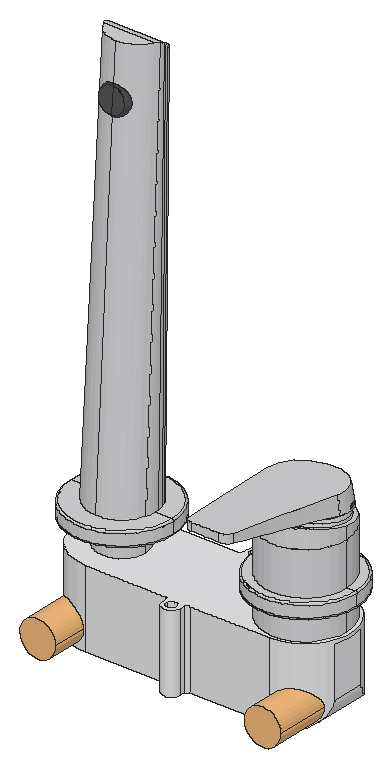
Revit family "Faucet-Wall_Mount-Lavatory-KOHLER-Avid-K-97358IN", category Plumbing Fixtures, host Face, Revit 2017
Family settings
  Host = Face
  Round Connector Dimension = Use Diameter
  Part Type = Normal
  OmniClass Number = 23.31.11.00
  OmniClass Title = Faucets
  Cut with Voids When Loaded = No
  Shared = No
  Room Calculation Point = No
Parameters (values of type "CP-Polished Chrome")
  Width = 6 1/4"  # constant formula
  WaterSense Certified = 1 = 0  # no
  Waste Water Outlet = "Waste Water Outlet"  # constant formula
  Waste Connection = 1 = 0  # no
  Vent Connection = 1 = 0  # no
  URL = "https://www.kohler.co.in/"
  Type = 1
  Spout Reach = 8 1/4"  # constant formula
  Product Page URL = "https://www.kohler.co.in/product-detail/97358in-4nd?skuid=K-97358IN-4ND-CP"
  Product Name = "Avid"  # constant formula
  Product Documentation Link = "http://resources.kohler.com/plumbing/kohlerindia/pdf/97358.pdf"
  Pressure = 45.00 psi  # constant formula
  Model = "K-97358IN-4ND-CP"  # constant formula
  Material = "Premium Metal Construction"  # constant formula
  Master Format 2014 Name = "Residential Faucets, Supplies, and Trim"  # constant formula
  Master Format 2014 = "22 41 39"  # constant formula
  Manufacturer Address = "Ambience Office Tower NH-8 Gurgaon / Gurugram Haryana , 122001\r\n"  # constant formula
  Manufacturer = "KOHLER Co."  # constant formula
  Length = Spout Reach  # 8 1/4"
  Hot Water Inlet = "Hot Water Inlet"  # constant formula
  Height = 2 5/16"  # constant formula
  Handle Clearance = 2 3/4"  # constant formula
  HW Connection = 1 = 1  # yes
  Flow Rate = 2.2 GPM  # constant formula
  Finish = Kohler-Metal-CP-Polished_Chrome
  Environmental Product Declaration = ""
  Drain Included = 1 = 0  # no
  Description = "Single Control Wall mount Lavatory Faucet without Drain"  # constant formula
  Default Elevation = 36"
  Declare Label = ""
  Date Modified = "06/29/2020"  # constant formula
  Date Created = "06/29/2020"  # constant formula
  Copyright = "Copyright KOHLER Co."  # constant formula
  Contact Us = "https://www.kohler.co.in/contact-us"
  Cold Water Inlet = "Cold Water Inlet"  # constant formula
  CW Connection = 1 = 1  # yes
  Assembly Code = "D2010"
  ADA Compliant = 1 = 0  # no
Reference planes (in)
  plane 1 "Center (Front/Back)": y = 0
  plane 2: z = 0
  plane 3 "Center (Left/Right)": x = 0
  plane 4: z = 8.25
  plane 5: x = -2
  plane 6: x = 2
  plane 7: y = 1.14173
  plane 8: y = -1.17077
  plane 9: x = -3.125
  plane 10: x = -0.875
  plane 11: x = 0.875
  plane 12: x = 3.125
  plane 13: y = -2.75
  plane 14: z = 9.31922
  plane 15: z = 0.31496
  plane 16: z = 2.3585
  plane 17: z = -0.53937
  plane 18: z = -2.22303
  plane 19: x = 2.43501
  plane 20: z = -1.81102
  plane 21: x = -2.45276
  plane 22: z = -2.3874
  plane 23: y = -1.7063
Forms (in)
  Extrusion 1, void
    sketch origin (0, 0, 0) x (1, 0, 0) y (0, 1, 0)
      loop
        circle (2, 0) r 1
      loop
        circle (-2, 0) r 1
    from -0.53937 to 0
  Extrusion 2, void
    sketch origin (0, 0, 0) x (1, 0, 0) y (0, 0, 1)
      loop
        line (-2.98497, -0.53937) -> (-2.98497, -2.42693) -> (3.01503, -2.42693) -> (3.01503, -0.53937) -> (-2.98497, -0.53937)
    from -1.3475 to 1.36945
  Extrusion 3, void
    sketch origin (0, 0, 0) x (1, 0, 0) y (0, 0, 1)
      loop
        circle (-2.45276, -1.81102) r 0.3937
      loop
        circle (2.44731, -1.81102) r 0.3937
    from 1.17907 to 1.7063
Dimensions and locks (in)
  "Spout Reach": level to plane 4
  "Handle Clearance": plane 13 to plane 1 "Center (Front/Back)"
  "Height": plane 7 to plane 8
  "Width": plane 9 to plane 12
  plane 3 "Center (Left/Right)" to plane 19 = 2.43501"
  plane 21 to plane 3 "Center (Left/Right)" = 2.45276"
  aligned and locked: plane 2 to host face
  aligned and locked: level to host face
Automatic sketch dimensions
  host sketch curve to host sketch curve = 96"  (x2)
  plane 1 "Center (Front/Back)" to Extrusion 1 sketch curve = 0"  (x2)
  Extrusion 1 sketch curve to plane 5 = 0"
  Extrusion 1 sketch curve to plane 6 = 0"
  plane 5 to Extrusion 2 sketch curve = 0.98497"
  Extrusion 2 sketch curve to plane 6 = 1.01503"
  Extrusion 2 sketch curve to level = 2.42693"
  Extrusion 2 sketch curve to level = 0.53937"
  plane 5 to Extrusion 3 sketch curve = 0.45276"
  Extrusion 3 sketch curve to plane 6 = 0.44731"
  Extrusion 3 sketch curve to level = 1.81102"  (x2)
  radius of Extrusion 1 sketch curve = 1"  (x2)
  radius of Extrusion 3 sketch curve = 0.3937"  (x2)
Nested families (in)
  nested 1: "K-97358IN" at (-2, 0, 0), type "K-97358IN"
Connectors (in)
  piping at (-2.45276, -1.7063, -1.81102), diameter 0.5, driven by "HW Connection", driven by "Hot Water Inlet", driven by "Flow Rate", driven by "Pressure"
    settings: on nested 1, index 1, connector inside diameter 24", connector length 0", flow factor 0, pipe flow 2.2 GPM, pressure drop 45.00 psi, fitting loss kfactor 0, connector angle 0.00°, fixture units 0, engagement length 0", angle of deflection 0.00°, flow configuration 1, flow direction 1, fitting loss method 4, system type 19, joint type 0, gender type 0, connector reference index -1, connector utility 1, adjustable connector no, is connector primary yes, connector description "Hot Water Inlet"
  piping at (2.43501, -1.7063, -1.81102), diameter 0.5, driven by "CW Connection", driven by "Cold Water Inlet", driven by "Flow Rate", driven by "Pressure"
    settings: on nested 1, index 2, connector inside diameter 24", connector length 0", flow factor 0, pipe flow 2.2 GPM, pressure drop 45.00 psi, fitting loss kfactor 0, connector angle 0.00°, fixture units 0, engagement length 0", angle of deflection 0.00°, flow configuration 1, flow direction 1, fitting loss method 4, system type 20, joint type 0, gender type 0, connector reference index -1, connector utility 1, adjustable connector no, is connector primary no, connector description "Cold Water Inlet"
Definition of nested family "K-97358IN"
  Parameters (values of type "K-97358IN")
    Valve Material = none
  Reference planes (in)
    plane 1 "Center (Front/Back)": y = 0
    plane 2: z = 0
    plane 3 "Center (Left/Right)": x = 0
    plane 4: x = -1.125
    plane 5: x = 1.125
    plane 6: x = 4
    plane 7: x = 2.875
    plane 8: x = 5.125
    plane 9: z = 8.22835
    plane 10: z = -1.81102
    plane 11: x = -0.45276
    plane 12: x = 4.43501
    plane 13: y = 1.14173
    plane 14: y = -1.14173
    plane 15: y = 1.25984
    plane 16: y = -1.7063
    plane 17: x = 2
    plane 18: y = -2.75
    plane 19: x = -0.97578
  Forms (in)
    SweptBlend 1, solid, material <- "Valve Material", detail levels medium+fine
      path origin (0, 0, -0.09843) x (0, 1, 0) y (0, 0, 1)
        loop
          line (0.39318, 0.31496) -> (0.58456, 10.81322)
      profile origin (0, 0.39318, 0.21654) x (0, -0.999834, 0.018227) y (1, 0, 0)
        loop
          line (0, 0.61393) -> (0, -0.61385)
          arc (0, -0.61385) -> (0.00798, -0.63766) -> (0.02871, -0.65184) r 0.03949
          arc (0.02871, -0.65184) -> (0.06832, -0.66352) -> (0.10768, -0.67602) r 2.01365
          arc (0.10768, -0.67602) -> (0.19207, -0.69707) -> (0.27864, -0.70561) r 0.59539
          arc (0.27864, -0.70561) -> (0.44154, -0.71142) -> (0.60151, -0.68012) r 0.71364
          arc (0.60151, -0.68012) -> (0.96137, -0.42133) -> (1.09903, 0) r 0.71364
          arc (1.09903, 0) -> (0.96137, 0.42133) -> (0.60151, 0.68012) r 0.71364
          arc (0.60151, 0.68012) -> (0.44154, 0.71142) -> (0.27864, 0.70561) r 0.71364
          arc (0.27864, 0.70561) -> (0.19207, 0.69707) -> (0.10768, 0.67602) r 0.59539
          arc (0.10768, 0.67602) -> (0.06828, 0.66351) -> (0.02864, 0.65182) r 2.01365
          arc (0.02864, 0.65182) -> (0.00796, 0.63767) -> (0, 0.61393) r 0.03939
      end profile origin (0, 0.58456, 10.71479) x (0, -0.999834, 0.018227) y (1, 0, 0)
        loop
          arc (0.0682, -0.60617) -> (0.09124, -0.60472) -> (0.11421, -0.6024) r 0.60675
          arc (0.11421, -0.6024) -> (0.1519, -0.59666) -> (0.18915, -0.58856) r 0.60675
          arc (0.18915, -0.58856) -> (0.52006, -0.37329) -> (0.64848, 0) r 0.60675
          arc (0.64848, 0) -> (0.52006, 0.37329) -> (0.18915, 0.58856) r 0.60675
          arc (0.18915, 0.58856) -> (0.17059, 0.59291) -> (0.1519, 0.59666) r 0.60675
          arc (0.1519, 0.59666) -> (0.1331, 0.59983) -> (0.11421, 0.6024) r 0.60675
          arc (0.11421, 0.6024) -> (0.09124, 0.60472) -> (0.0682, 0.60617) r 0.60675
          arc (0.0682, 0.60617) -> (0.04523, 0.59752) -> (0.03559, 0.57495) r 0.03125
          line (0.03559, 0.57495) -> (0.03559, 0) -> (0.03559, -0.57495)
          arc (0.03559, -0.57495) -> (0.04523, -0.59752) -> (0.0682, -0.60617) r 0.03125
    Revolve 2, solid, material <- "Valve Material", detail levels medium+fine
      sketch origin (0, 0, 0) x (1, 0, 0) y (0, 0, 1)
        loop
          line (0, 0.31496) -> (-1.09025, 0.31496)
          arc (-1.09025, 0.31496) -> (-1.11482, 0.30478) -> (-1.125, 0.28021) r 0.03475
          line (-1.125, 0.28021) -> (-1.125, 0.03516)
          arc (-1.125, 0.03516) -> (-1.1147, 0.0103) -> (-1.08984, 0) r 0.03516
          line (-1.08984, 0) -> (-0.94488, 0) -> (-0.94488, -0.03937) -> (-0.31231, -0.03937) -> (-0.31231, -0.19685) -> (-0.49213, -0.19685) -> (-0.51394, -0.21867) -> (-0.51394, -0.25433) -> (-0.48358, -0.27559) -> (-0.52408, -0.27559) -> (-0.52408, -0.53937) -> (0, -0.53937) -> (0, 0.31496)
        axis (0, -0.53937) -> (0, 0.31496)
      angle from 0 to 360
    Revolve 3, solid, material <- "Valve Material", detail levels medium+fine
      sketch origin (0, 0, 0) x (1, 0, 0) y (0, 0, 1)
        loop
          arc (4, 1.85893) -> (3.78638, 1.85354) -> (3.57331, 1.83726) r 4.18399
          arc (3.57331, 1.83726) -> (3.39839, 1.81096) -> (3.22674, 1.76823) r 1.86659
          arc (3.22674, 1.76823) -> (3.19289, 1.75404) -> (3.16276, 1.73308) r 0.17427
          arc (3.16276, 1.73308) -> (3.13089, 1.69288) -> (3.11592, 1.64381) r 0.13794
          arc (3.11592, 1.64381) -> (3.09988, 1.44843) -> (3.09452, 1.25246) r 3.5902
          line (3.09452, 1.25246) -> (3.09452, 0.31496) -> (2.90633, 0.31496)
          arc (2.90633, 0.31496) -> (2.88418, 0.30578) -> (2.875, 0.28363) r 0.03133
          line (2.875, 0.28363) -> (2.875, 0.03381)
          arc (2.875, 0.03381) -> (2.8849, 0.0099) -> (2.90881, 0) r 0.03381
          line (2.90881, 0) -> (3.09464, 0) -> (3.09464, -0.53937) -> (4, -0.53937) -> (4, 1.85893)
        axis (4, -0.53937) -> (4, 1.85893)
      angle from 0 to 360
    Extrusion 4, void
      sketch origin (0, 0, 0) x (0, 1, 0) y (0, 0, 1)
        loop
          line (1.21089, 1.31126) -> (1.28243, 1.71699) -> (-0.84864, 2.09275) -> (-0.92018, 1.68703) -> (1.21089, 1.31126)
      from 0 to 12
    Blend 5, solid, material <- "Valve Material", detail levels medium+fine
      base sketch origin (0, 0, 0) x (1, 0, 0) y (0, 1, 0)
        loop
          arc (4.30364, -2.75379) -> (4.43502, -2.70439) -> (4.50131, -2.58067) r 0.19944
          line (4.50131, -2.58067) -> (4.83397, -0.08241)
          arc (4.83397, -0.08241) -> (4, 0.86997) -> (3.16603, -0.08241) r 0.84133
          line (3.16603, -0.08241) -> (3.49902, -2.5832)
          arc (3.49902, -2.5832) -> (3.56439, -2.70516) -> (3.69391, -2.75385) r 0.19659
          line (3.69391, -2.75385) -> (4.30364, -2.75379)
      top sketch origin (0, 0, 0) x (1, 0, 0) y (0, 1, 0)
        loop
          line (3.70457, -2.70033) -> (4.29092, -2.70033)
          arc (4.29092, -2.70033) -> (4.40646, -2.6555) -> (4.46153, -2.54447) r 0.17131
          line (4.46153, -2.54447) -> (4.68298, -0.09856)
          arc (4.68298, -0.09856) -> (4, 0.64905) -> (3.31702, -0.09856) r 0.68577
          line (3.31702, -0.09856) -> (3.53888, -2.54896)
          arc (3.53888, -2.54896) -> (3.59236, -2.65679) -> (3.70457, -2.70033) r 0.16637
      from 1.53543 to 2.78937
    Extrusion 6, void
      sketch origin (0, 0, 0) x (0, 1, 0) y (0, 0, 1)
        loop
          arc (0.81908, 2.03021) -> (0.95281, 1.81903) -> (1.02699, 1.58033) r 0.95238
          line (1.02699, 1.58033) -> (2.23255, 1.58033) -> (2.23255, 2.97712) -> (-2.82995, 2.97712) -> (-2.82995, 2.30805)
          arc (-2.82995, 2.30805) -> (-2.80796, 2.34972) -> (-2.76295, 2.36364) r 0.06155
          line (-2.76295, 2.36364) -> (0.81908, 2.03021)
      from 0 to 12
    Extrusion 7, void
      sketch origin (0, 0, 0) x (0, 1, 0) y (0, 0, 1)
        loop
          line (-2.93599, 2.23374) -> (-2.93599, 1.46391) -> (1.06401, 1.46391) -> (1.06401, 1.52844) -> (-2.93599, 2.23374)
      from 0 to 12
    Revolve 8, solid, material <- "Valve Material", detail levels medium+fine
      sketch origin (4, 0, 0) x (0, 1, 0) y (0, 0, 1)
        loop
          line (0.03271, 1.71028) -> (0, 1.52478) -> (0.79088, 1.38532) -> (0.79088, 1.44328)
          arc (0.79088, 1.44328) -> (0.78889, 1.48298) -> (0.78292, 1.52228) r 0.39569
          arc (0.78292, 1.52228) -> (0.77567, 1.55194) -> (0.76616, 1.58096) r 0.39569
          line (0.76616, 1.58096) -> (0.03271, 1.71028)
        axis (0.03271, 1.71028) -> (0, 1.52478)
      angle from 0 to 360
    Extrusion 9, void
      sketch origin (0, 0, 0) x (0, 1, 0) y (0, 0, 1)
        loop
          arc (0.20274, 9.31287) -> (0.49131, 9.1872) -> (0.6065, 8.89429) r 0.41123
          line (0.6065, 8.89429) -> (0.6065, 11.14429) -> (-0.8935, 11.14429) -> (-0.8935, 9.33261) -> (0.20274, 9.31287)
      from -2.06618 to 12
    Extrusion 10, solid, detail levels medium+fine
      sketch origin (0, 0, 0) x (1, 0, 0) y (0, 1, 0)
        loop
          line (1.72613, 0.98425) -> (-0.00072, 0.98425)
          arc (-0.00072, 0.98425) -> (-0.98497, 0) -> (-0.00072, -0.98425) r 0.98425
          line (-0.00072, -0.98425) -> (1.72613, -0.98425)
          arc (1.72613, -0.98425) -> (1.78158, -1.00722) -> (1.80455, -1.06267) r 0.07841
          line (1.80455, -1.06267) -> (1.80455, -1.14195)
          arc (1.80455, -1.14195) -> (2, -1.3374) -> (2.19546, -1.14195) r 0.19545
          line (2.19546, -1.14195) -> (2.19546, -1.06267)
          arc (2.19546, -1.06267) -> (2.21842, -1.00722) -> (2.27387, -0.98425) r 0.07841
          line (2.27387, -0.98425) -> (4.00072, -0.98425)
          arc (4.00072, -0.98425) -> (4.98497, 0) -> (4.00072, 0.98425) r 0.98425
          line (4.00072, 0.98425) -> (2.27387, 0.98425)
          arc (2.27387, 0.98425) -> (2.21842, 1.00722) -> (2.19546, 1.06267) r 0.07841
          line (2.19546, 1.06267) -> (2.19546, 1.14045)
          arc (2.19546, 1.14045) -> (2, 1.33591) -> (1.80455, 1.14045) r 0.19545
          line (1.80455, 1.14045) -> (1.80455, 1.06267)
          arc (1.80455, 1.06267) -> (1.78158, 1.00722) -> (1.72613, 0.98425) r 0.07841
        loop
          circle (2, -1.14195) r 0.11215
        loop
          circle (2, 1.14045) r 0.11873
      from -2.84874 to -0.53937
    Extrusion 11, void
      sketch origin (0, 0, 0) x (0, 1, 0) y (0, 0, 1)
        loop
          line (-2.26611, -2.31267) -> (-2.24505, -2.91593) -> (1.50724, -2.91593) -> (1.50724, -2.12514) -> (1.00724, -2.12514)
          arc (1.00724, -2.12514) -> (0.7601, -2.3178) -> (0.45324, -2.38125) r 0.68986
          line (0.45324, -2.38125) -> (-2.26611, -2.31267)
      from -1.74273 to 12
    Extrusion 12, void
      sketch origin (0, 0, 0) x (1, 0, 0) y (0, 0, 1)
        loop
          arc (4.92175, -1.72303) -> (4.77531, -2.07658) -> (4.42175, -2.22303) r 0.5
          line (4.42175, -2.22303) -> (-0.42175, -2.22303)
          arc (-0.42175, -2.22303) -> (-0.77531, -2.07658) -> (-0.92175, -1.72303) r 0.5
          line (-0.92175, -1.72303) -> (-0.92175, -0.65748) -> (-2.76575, -0.65748) -> (-2.76575, -3.35416) -> (5.73425, -3.35416) -> (5.73425, -0.60416) -> (4.92175, -0.60416) -> (4.92175, -1.72303)
      from -2.81824 to 12
    Extrusion 13, solid
      sketch origin (0, 0, 0) x (1, 0, 0) y (0, 0, 1)
        loop
          circle (-0.45276, -1.81102) r 0.3937
        loop
          circle (4.43501, -1.81102) r 0.3937
      from 0 to 1.7063
    Extrusion 14, solid, detail levels medium+fine
      sketch origin (-4, 0, 0) x (0, 1, 0) y (0, 0, 1)
        loop
          line (1.25984, -2.3874) -> (1.25984, -1.68556)
          arc (1.25984, -1.68556) -> (1.23478, -1.62506) -> (1.17428, -1.6) r 0.08556
          line (1.17428, -1.6) -> (-0.50054, -1.6) -> (-0.50054, -2.3874) -> (1.25984, -2.3874)
      from 3.52756 to 3.92126
    Extrusion 15, solid, detail levels medium+fine
      sketch origin (0, 0, 0) x (0, 1, 0) y (0, 0, 1)
        loop
          line (1.25984, -2.3874) -> (1.25984, -1.68556)
          arc (1.25984, -1.68556) -> (1.23478, -1.62506) -> (1.17428, -1.6) r 0.08556
          line (1.17428, -1.6) -> (-0.50054, -1.6) -> (-0.50054, -2.3874) -> (1.25984, -2.3874)
      from 3.52756 to 3.92126
    Revolve 16, solid, detail levels medium+fine
      sketch origin (0, 0, 0) x (0, 1, 0) y (0, 0, 1)
        loop
          arc (-0.28793, 7.92912) -> (-0.22637, 7.88913) -> (-0.15365, 7.87923) r 0.16787
          line (-0.15365, 7.87923) -> (-0.12997, 8.19859) -> (-0.2672, 8.20876) -> (-0.28793, 7.92912)
        axis (-0.2672, 8.20876) -> (-0.12997, 8.19859)
      angle from 0 to 360
    Extrusion 17, solid, detail levels coarse
      sketch origin (0, 0, 0) x (1, 0, 0) y (0, 1, 0)
        loop
          line (-0.97578, 1.14173) -> (-0.97578, -1.14173) -> (4.97578, -1.14173) -> (4.97578, 1.14173) -> (-0.97578, 1.14173)
      from -2.3874 to -0.53937
    Extrusion 18, solid, material <- "Valve Material", detail levels coarse
      sketch origin (0, 0, 0) x (1, 0, 0) y (0, 1, 0)
        loop
          circle (4, 0) r 1.12543
        loop
          circle (0, 0) r 1.125
      from 0 to 0.31496
    Extrusion 19, solid, material <- "Valve Material", detail levels coarse
      sketch origin (0, 0, 0) x (1, 0, 0) y (0, 0, 1)
        loop
          arc (0.71314, 9.30264) -> (0.00006, 9.31905) -> (-0.71314, 9.30851) r 18.8753
          line (-0.71314, 9.30851) -> (-0.71314, 0.31496) -> (0.71314, 0.31496) -> (0.71314, 9.30264)
      from -0.50311 to 0.67888
    Extrusion 20, solid, material <- "Valve Material", detail levels coarse
      sketch origin (0, 0, 0) x (1, 0, 0) y (0, 1, 0)
        loop
          circle (4, 0) r 0.98425
      from 0.31496 to 1.88841
    Extrusion 21, solid, material <- "Valve Material", detail levels coarse
      sketch origin (0, 0, 0) x (0, 1, 0) y (0, 0, 1)
        loop
          line (-2.71867, 2.35952) -> (-2.71867, 2.19543) -> (0.98425, 1.5425) -> (0.98425, 2.01484) -> (-2.71867, 2.35952)
      from 3.01544 to 4.97578
    Extrusion 22, solid, material <- "Valve Material", detail levels coarse
      sketch origin (0, 0, 0) x (1, 0, 0) y (0, 1, 0)
        loop
          circle (4, 0) r 0.90536
        loop
          circle (0, 0) r 0.52408
      from -0.53937 to 0
    Extrusion 23, solid, detail levels medium+fine
      sketch origin (0.35038, -1.51848, 0.01172) x (-0.325568, 0.945519, 0) y (0, 0, 1)
        loop
          line (0.19179, 1.76677) -> (0.19179, 1.71333) -> (0.39295, 1.71333) -> (0.39295, 1.76677) -> (0.19179, 1.76677)
      from 4.7472 to 4.77467
    Extrusion 24, solid, detail levels medium+fine
      sketch origin (7.64962, -1.51848, 0.01172) x (0.325568, 0.945519, 0) y (0, 0, -1)
        loop
          line (0.19179, -1.76677) -> (0.39295, -1.76677) -> (0.39295, -1.71333) -> (0.19179, -1.71333) -> (0.19179, -1.76677)
      from 4.7472 to 4.77467
  Cuts and joins
    Extrusion 9 cuts SweptBlend 1
    Extrusion 4 cuts Revolve 3
    Extrusion 6, Extrusion 7 cuts Blend 5
    joined: SweptBlend 1, Revolve 2, Revolve 3, Blend 5, Revolve 8
    Extrusion 11, Extrusion 12 cuts Extrusion 10
  Lines and regions (in)
    Masking region 1
      outline origin (0, 0, 0) x (0, 1, 0) y (0, 0, 1)
        loop
          line (0.90241, 0.31496) -> (0.90241, 1.36566) -> (0.78556, 1.38626)
          arc (0.78556, 1.38626) -> (0.78983, 1.485) -> (0.76616, 1.58096) r 0.34786
          line (0.76616, 1.58096) -> (0.86168, 1.56411) -> (0.78739, 2.03316) -> (0.42937, 2.06649) -> (0.52569, 9.1466)
          arc (0.52569, 9.1466) -> (0.38357, 9.26732) -> (0.20274, 9.31287) r 0.41123
          line (0.20274, 9.31287) -> (-0.14993, 9.31922) -> (-0.19923, 8.51351) -> (-0.24647, 8.4884) -> (-0.28793, 7.92912) -> (-0.23716, 7.89357) -> (-0.58178, 2.16061) -> (-2.71867, 2.35952) -> (-2.75673, 2.20214) -> (-0.69952, 1.83939)
          arc (-0.69952, 1.83939) -> (-0.76311, 1.76115) -> (-0.79088, 1.66423) r 0.25162
          line (-0.79088, 1.66423) -> (-0.87539, 1.67913)
          arc (-0.87539, 1.67913) -> (-0.88109, 1.6509) -> (-0.88539, 1.62242) r 0.58365
          arc (-0.88539, 1.62242) -> (-0.90057, 1.46113) -> (-0.90564, 1.29921) r 2.58873
          line (-0.90564, 1.29921) -> (-0.90564, 0.31496) -> (-1.09287, 0.31496)
          arc (-1.09287, 0.31496) -> (-1.11546, 0.3056) -> (-1.12482, 0.28302) r 0.03194
          line (-1.12482, 0.28302) -> (-1.12482, 0.03501)
          arc (-1.12482, 0.03501) -> (-1.11456, 0.01025) -> (-1.08981, 0) r 0.03501
          line (-1.08981, 0) -> (1.08981, 0)
          arc (1.08981, 0) -> (1.11456, 0.01025) -> (1.12482, 0.03501) r 0.03501
          line (1.12482, 0.03501) -> (1.12482, 0.28302)
          arc (1.12482, 0.28302) -> (1.11546, 0.3056) -> (1.09287, 0.31496) r 0.03194
          line (1.09287, 0.31496) -> (0.90241, 0.31496)
    Masking region 2
      outline origin (0, 0, 0) x (0, 1, 0) y (0, 0, 1)
        loop
          line (0.90536, -0.03937) -> (0.94488, -0.03937) -> (0.94488, 0) -> (-0.94488, 0) -> (-0.94488, -0.03937) -> (-0.90536, -0.03937) -> (-0.90536, -0.53937) -> (-1.3374, -0.53937) -> (-1.3374, -1.41732) -> (-1.7063, -1.41732) -> (-1.7063, -2.20472) -> (-1.40572, -2.20472) -> (-1.3374, -2.22303) -> (-0.50054, -2.22303) -> (-0.50054, -2.3874) -> (1.25984, -2.3874) -> (1.25984, -2.12514) -> (1.33591, -2.12514) -> (1.33591, -0.53937) -> (0.90536, -0.53937) -> (0.90536, -0.03937)
    Masking region 3
      outline origin (0, 0, 0) x (1, 0, 0) y (0, 0, 1)
        loop
          line (0.71314, 0.31496) -> (0.6135, 9.24533)
          spline (0.6135, 9.24533) -> (0.61347, 9.24705) -> (0.61342, 9.24876) -> (0.61335, 9.25045) -> (0.61326, 9.25211) -> (0.61314, 9.25375) -> (0.613, 9.25538) -> (0.61285, 9.25698) -> (0.61267, 9.25856) -> (0.61247, 9.26012) -> (0.61225, 9.26165) -> (0.612, 9.26317) -> (0.61174, 9.26466)
          spline (0.61174, 9.26466) -> (0.61173, 9.26782) -> (0.61156, 9.27088) -> (0.61122, 9.27384) -> (0.61073, 9.2767) -> (0.61007, 9.27945) -> (0.60925, 9.28209) -> (0.60827, 9.28462) -> (0.60712, 9.28704) -> (0.60582, 9.28935) -> (0.60437, 9.29154) -> (0.60275, 9.29361) -> (0.60098, 9.29557)
          spline (0.60098, 9.29557) -> (0.59846, 9.29818) -> (0.59578, 9.30058) -> (0.59292, 9.30278) -> (0.5899, 9.30476) -> (0.58671, 9.30653) -> (0.58336, 9.30809) -> (0.57985, 9.30943) -> (0.57618, 9.31055) -> (0.57236, 9.31146) -> (0.56839, 9.31214) -> (0.56426, 9.31261) -> (0.55999, 9.31287)
          spline (0.55999, 9.31287) -> (0.53245, 9.31379) -> (0.50024, 9.31466) -> (0.46364, 9.31547) -> (0.42298, 9.31622) -> (0.37861, 9.3169) -> (0.33091, 9.3175) -> (0.28031, 9.31801) -> (0.22726, 9.31844) -> (0.17221, 9.31878) -> (0.11565, 9.31902) -> (0.05807, 9.31917) -> (0.00001, 9.31922)
          spline (0.00001, 9.31922) -> (-0.05807, 9.31917) -> (-0.11565, 9.31902) -> (-0.17221, 9.31878) -> (-0.22726, 9.31844) -> (-0.28031, 9.31801) -> (-0.33091, 9.3175) -> (-0.37861, 9.3169) -> (-0.42298, 9.31622) -> (-0.46364, 9.31547) -> (-0.50024, 9.31466) -> (-0.53245, 9.31379) -> (-0.55999, 9.31287)
          spline (-0.55999, 9.31287) -> (-0.56426, 9.31261) -> (-0.56839, 9.31214) -> (-0.57236, 9.31146) -> (-0.57618, 9.31055) -> (-0.57985, 9.30943) -> (-0.58336, 9.30809) -> (-0.58671, 9.30653) -> (-0.5899, 9.30476) -> (-0.59292, 9.30278) -> (-0.59578, 9.30058) -> (-0.59846, 9.29818) -> (-0.60098, 9.29557)
          spline (-0.60098, 9.29557) -> (-0.60275, 9.29361) -> (-0.60437, 9.29154) -> (-0.60582, 9.28935) -> (-0.60712, 9.28704) -> (-0.60827, 9.28462) -> (-0.60925, 9.28209) -> (-0.61007, 9.27945) -> (-0.61073, 9.2767) -> (-0.61122, 9.27384) -> (-0.61156, 9.27088) -> (-0.61173, 9.26782) -> (-0.61174, 9.26466)
          spline (-0.61174, 9.26466) -> (-0.612, 9.26317) -> (-0.61225, 9.26165) -> (-0.61247, 9.26012) -> (-0.61267, 9.25856) -> (-0.61285, 9.25698) -> (-0.613, 9.25538) -> (-0.61314, 9.25375) -> (-0.61326, 9.25211) -> (-0.61335, 9.25045) -> (-0.61342, 9.24876) -> (-0.61347, 9.24705) -> (-0.6143, 9.24533)
          line (-0.6143, 9.24533) -> (-0.71314, 0.31496) -> (-1.09224, 0.31496)
          arc (-1.09224, 0.31496) -> (-1.11541, 0.30537) -> (-1.125, 0.2822) r 0.03276
          line (-1.125, 0.2822) -> (-1.125, 0.03704)
          arc (-1.125, 0.03704) -> (-1.11415, 0.01085) -> (-1.08796, 0) r 0.03704
          line (-1.08796, 0) -> (1.08796, 0)
          arc (1.08796, 0) -> (1.11415, 0.01085) -> (1.125, 0.03704) r 0.03704
          line (1.125, 0.03704) -> (1.125, 0.2822)
          arc (1.125, 0.2822) -> (1.11541, 0.30537) -> (1.09224, 0.31496) r 0.03276
          line (1.09224, 0.31496) -> (0.71314, 0.31496)
        loop
          line (4.29765, 2.35951) -> (3.69855, 2.35952)
          spline (3.69855, 2.35952) -> (3.67722, 2.35937) -> (3.65623, 2.35898) -> (3.6359, 2.35836) -> (3.61651, 2.35753) -> (3.59836, 2.35648) -> (3.5817, 2.35523) -> (3.56678, 2.35381) -> (3.55381, 2.35223) -> (3.54298, 2.35052) -> (3.53446, 2.3487) -> (3.52836, 2.3468) -> (3.52477, 2.34485)
          spline (3.52477, 2.34485) -> (3.5021, 2.32564) -> (3.47917, 2.30642) -> (3.45598, 2.28721) -> (3.43252, 2.26799) -> (3.40879, 2.24879) -> (3.3848, 2.22958) -> (3.36054, 2.21038) -> (3.33601, 2.19118) -> (3.31122, 2.17198) -> (3.28616, 2.15278) -> (3.26083, 2.13359) -> (3.23524, 2.1144)
          spline (3.23524, 2.1144) -> (3.23473, 2.11328) -> (3.23394, 2.11262) -> (3.23322, 2.11195) -> (3.23256, 2.11129) -> (3.23198, 2.11062) -> (3.23146, 2.10996) -> (3.23101, 2.10929) -> (3.23062, 2.10862) -> (3.2303, 2.10796) -> (3.23005, 2.10729) -> (3.22987, 2.10662) -> (3.22975, 2.10595)
          line (3.22975, 2.10595) -> (3.18036, 1.70644)
          spline (3.18036, 1.70644) -> (3.18069, 1.70235) -> (3.18171, 1.69826) -> (3.1834, 1.69418) -> (3.18577, 1.69011) -> (3.18881, 1.68605) -> (3.19252, 1.68201) -> (3.1969, 1.67799) -> (3.20195, 1.67399) -> (3.20765, 1.67002) -> (3.21401, 1.66608) -> (3.22102, 1.66217) -> (3.22867, 1.6583)
          arc (3.22867, 1.6583) -> (3.21698, 1.62753) -> (3.20783, 1.59592) r 0.40492
          spline (3.20783, 1.59592) -> (3.19353, 1.59094) -> (3.18024, 1.58588) -> (3.16799, 1.58074) -> (3.15679, 1.57553) -> (3.14666, 1.57025) -> (3.1376, 1.56492) -> (3.12963, 1.55953) -> (3.12275, 1.5541) -> (3.11698, 1.54862) -> (3.11232, 1.54312) -> (3.10879, 1.53759) -> (3.10637, 1.53205)
          arc (3.10637, 1.53205) -> (3.09749, 1.26979) -> (3.09452, 1.0074) r 11.62233
          line (3.09452, 1.0074) -> (3.09452, 0.31496) -> (2.90776, 0.31496)
          arc (2.90776, 0.31496) -> (2.8846, 0.30537) -> (2.875, 0.2822) r 0.03276
          line (2.875, 0.2822) -> (2.875, 0.03704)
          arc (2.875, 0.03704) -> (2.88585, 0.01085) -> (2.91204, 0) r 0.03704
          line (2.91204, 0) -> (5.08796, 0)
          arc (5.08796, 0) -> (5.11415, 0.01085) -> (5.125, 0.03704) r 0.03704
          line (5.125, 0.03704) -> (5.125, 0.2822)
          arc (5.125, 0.2822) -> (5.1154, 0.30537) -> (5.09224, 0.31496) r 0.03276
          line (5.09224, 0.31496) -> (4.90548, 0.31496) -> (4.90548, 1.0074)
          arc (4.90548, 1.0074) -> (4.90251, 1.26979) -> (4.89363, 1.53205) r 11.62233
          spline (4.89363, 1.53205) -> (4.89121, 1.53759) -> (4.88768, 1.54312) -> (4.88302, 1.54862) -> (4.87725, 1.5541) -> (4.87037, 1.55953) -> (4.8624, 1.56492) -> (4.85334, 1.57025) -> (4.84321, 1.57553) -> (4.83201, 1.58074) -> (4.81976, 1.58588) -> (4.80647, 1.59094) -> (4.79217, 1.59592)
          arc (4.79217, 1.59592) -> (4.78302, 1.62753) -> (4.77133, 1.6583) r 0.40492
          spline (4.77133, 1.6583) -> (4.77898, 1.66217) -> (4.78599, 1.66608) -> (4.79235, 1.67002) -> (4.79805, 1.67399) -> (4.8031, 1.67799) -> (4.80748, 1.68201) -> (4.81119, 1.68605) -> (4.81423, 1.69011) -> (4.8166, 1.69418) -> (4.81829, 1.69826) -> (4.81931, 1.70235) -> (4.81964, 1.70644)
          line (4.81964, 1.70644) -> (4.77059, 2.106)
          spline (4.77059, 2.106) -> (4.77013, 2.10662) -> (4.76995, 2.10729) -> (4.7697, 2.10796) -> (4.76938, 2.10862) -> (4.76899, 2.10929) -> (4.76854, 2.10996) -> (4.76802, 2.11062) -> (4.76744, 2.11129) -> (4.76678, 2.11195) -> (4.76606, 2.11262) -> (4.76527, 2.11328) -> (4.76442, 2.11395)
          spline (4.76442, 2.11395) -> (4.7392, 2.13356) -> (4.71391, 2.15273) -> (4.68889, 2.17189) -> (4.66413, 2.19106) -> (4.63964, 2.21023) -> (4.61541, 2.2294) -> (4.59145, 2.24858) -> (4.56776, 2.26776) -> (4.54433, 2.28694) -> (4.52116, 2.30613) -> (4.49826, 2.32532) -> (4.47563, 2.34451)
          spline (4.47563, 2.34451) -> (4.47195, 2.3465) -> (4.4657, 2.34845) -> (4.45697, 2.35031) -> (4.44588, 2.35206) -> (4.4326, 2.35367) -> (4.41732, 2.35513) -> (4.40026, 2.3564) -> (4.38166, 2.35748) -> (4.36181, 2.35834) -> (4.34099, 2.35897) -> (4.3195, 2.35936) -> (4.29765, 2.35951)
    Masking region 4, detail levels medium+fine
      outline origin (0, 0, 0) x (1, 0, 0) y (0, 0, 1)
        loop
          line (4.98497, -0.53937) -> (4.90536, -0.53937) -> (4.90536, 0) -> (3.09464, 0) -> (3.09464, -0.53937) -> (0.52408, -0.53937) -> (0.52408, -0.27559) -> (0.48358, -0.27559) -> (0.51394, -0.25433) -> (0.51394, -0.21867) -> (0.49213, -0.19685) -> (0.31231, -0.19685) -> (0.31231, -0.03937) -> (0.94488, -0.03937) -> (0.94488, 0) -> (-0.94488, 0) -> (-0.94488, -0.03937) -> (-0.31231, -0.03937) -> (-0.31231, -0.19685) -> (-0.49213, -0.19685) -> (-0.51394, -0.21867) -> (-0.51394, -0.25433) -> (-0.48358, -0.27559) -> (-0.52408, -0.27559) -> (-0.52408, -0.53937) -> (-0.98497, -0.53937) -> (-0.98497, -0.65748) -> (-0.92175, -0.65748) -> (-0.92175, -1.72303)
          arc (-0.92175, -1.72303) -> (-0.79279, -2.05818) -> (-0.47244, -2.22046) r 0.5
          line (-0.47244, -2.22046) -> (-0.47244, -2.3874) -> (-0.07874, -2.3874) -> (-0.07874, -2.22303) -> (3.52756, -2.22303) -> (3.52756, -2.3874) -> (3.92126, -2.3874) -> (3.92126, -2.22303) -> (4.42175, -2.22303)
          arc (4.42175, -2.22303) -> (4.77531, -2.07658) -> (4.92175, -1.72303) r 0.5
          line (4.92175, -1.72303) -> (4.92175, -0.60416) -> (4.98497, -0.60416) -> (4.98497, -0.53937)
    Masking region 5
      outline origin (0, 0, 0) x (1, 0, 0) y (0, 1, 0)
        loop
          arc (4.69623, -0.88423) -> (4, 1.12543) -> (3.30377, -0.88423) r 1.12543
          spline (3.30377, -0.88423) -> (3.32334, -1.02682) -> (3.34267, -1.16945) -> (3.36176, -1.3121) -> (3.38062, -1.45479) -> (3.39923, -1.59751) -> (3.41761, -1.74026) -> (3.43574, -1.88304) -> (3.45364, -2.02584) -> (3.4713, -2.16868) -> (3.48872, -2.31154) -> (3.50591, -2.45443) -> (3.52285, -2.59735)
          arc (3.52285, -2.59735) -> (3.58871, -2.70696) -> (3.70913, -2.75) r 0.18999
          line (3.70913, -2.75) -> (4.29087, -2.75)
          arc (4.29087, -2.75) -> (4.41129, -2.70696) -> (4.47715, -2.59735) r 0.18999
          spline (4.47715, -2.59735) -> (4.49409, -2.45443) -> (4.51128, -2.31154) -> (4.5287, -2.16868) -> (4.54636, -2.02584) -> (4.56426, -1.88304) -> (4.58239, -1.74026) -> (4.60077, -1.59751) -> (4.61938, -1.45479) -> (4.63824, -1.3121) -> (4.65733, -1.16945) -> (4.67666, -1.02682) -> (4.69623, -0.88423)
        loop
          circle (0, 0) r 1.125
    symbolic lines, detail levels medium+fine
      curve 1: line (0, 0.90241, 0.31496) -> (0, -0.90564, 0.31496)
      curve 2: line (0, 0.42937, 2.06649) -> (0, 0.39471, 0.31496)
      curve 3: line (0, -0.58178, 2.16061) -> (0, -0.70089, 0.31496)
      curve 4: line (0, -0.70074, 1.83961) -> (0, -0.6036, 1.82248)
      curve 5: line (0, -0.79088, 1.66423) -> (0, -0.6158, 1.63336)
      curve 6: line (0, 0.78556, 1.38626) -> (0, 0.4172, 1.45121)
      curve 7: line (0, 0.76616, 1.58096) -> (0, 0.42097, 1.64182)
      curve 8: line (0, -0.49213, -0.19685) -> (0, 0.49213, -0.19685)
      curve 9: line (0, 0.51394, -0.21867) -> (0, 0.51394, -0.25433)
      curve 10: line (0, 0.51394, -0.25433) -> (0, 0.48358, -0.27559)
      curve 11: line (0, 0.48358, -0.27559) -> (0, 0.52408, -0.27559)
      curve 12: line (0, 0.52408, -0.27559) -> (0, 0.52408, -0.53937)
      curve 13: line (0, 0.31231, -0.03937) -> (0, 0.31231, -0.19685)
      curve 14: line (0, -0.90536, -0.03937) -> (0, 0.90536, -0.03937)
      curve 15: line (0, 0.51394, -0.21867) -> (0, 0.49213, -0.19685)
      curve 16: line (0, -0.51394, -0.21867) -> (0, -0.51394, -0.25433)
      curve 17: line (0, -0.51394, -0.25433) -> (0, -0.48358, -0.27559)
      curve 18: line (0, -0.48358, -0.27559) -> (0, -0.52408, -0.27559)
      curve 19: line (0, -0.52408, -0.27559) -> (0, -0.52408, -0.53937)
      curve 20: line (0, -0.51394, -0.21867) -> (0, -0.49213, -0.19685)
      curve 21: line (0, -0.31231, -0.03937) -> (0, -0.31231, -0.19685)
      curve 22: line (0, 0.90536, -0.53937) -> (0, -0.90564, -0.53937)
      curve 23: line (0, 0.48358, -0.27559) -> (0, -0.48358, -0.27559)
      curve 24: line (0, 0.51394, -0.21867) -> (0, -0.51394, -0.21867)
      curve 25: line (0, 0.51394, -0.25433) -> (0, -0.51394, -0.25433)
      curve 26: line (0, -1.40572, -2.20472) -> (0, 0.48357, -2.20472)
      curve 27: line (0, 1.25984, -1.81102) -> (0, 1.25984, -2.12514)
      curve 28: line (0, 1.25984, -1.81102) -> (0, 1.25984, -0.53937)
      curve 29: line (0, 1.33591, -1.81102) -> (0, 1.12617, -1.81102)
      curve 30: arc (0, 0.48357, -2.20472) -> (0, 0.75754, -2.12747) -> (0, 0.95079, -1.91847) r 0.52442
      curve 31: arc (0, 1.12617, -1.81102) -> (0, 1.02333, -1.84002) -> (0, 0.95079, -1.91847) r 0.19685
      curve 32: line (0, 1.12617, -1.81102) -> (0, 1.12617, -0.53937)
      curve 33: line (0, -1.3374, -1.41732) -> (0, -0.90564, -1.41732)
      curve 34: line (0, -0.90564, -1.41732) -> (0, -0.90564, -0.53937)
      curve 35: line (0, -0.72093, -0.53937) -> (0, -0.72093, -1.12992)
      curve 36: arc (0, -0.72093, -1.12992) -> (0, -0.77109, -1.30074) -> (0, -0.90564, -1.41732) r 0.31595
      curve 37: spline (3.23679, 0, 2.11481) -> (3.2382, 0, 2.09457) -> (3.30082, 0, 2.07518) -> (3.41962, 0, 2.0582) -> (3.58506, 0, 2.04499) -> (3.78385, 0, 2.03662) -> (4, 0, 2.03375) -> (4.21615, 0, 2.03662) -> (4.41494, 0, 2.04499) -> (4.58038, 0, 2.0582) -> (4.69918, 0, 2.07518) -> (4.7618, 0, 2.09457) -> (4.76321, 0, 2.11481)
      curve 38: spline (4.77133, 0, 1.6583) -> (4.69905, 0, 1.63213) -> (4.59769, 0, 1.60905) -> (4.47147, 0, 1.59002) -> (4.32565, 0, 1.57583) -> (4.16628, 0, 1.56707) -> (4, 0, 1.56411) -> (3.83372, 0, 1.56707) -> (3.67435, 0, 1.57583) -> (3.52853, 0, 1.59002) -> (3.40231, 0, 1.60905) -> (3.30095, 0, 1.63213) -> (3.22867, 0, 1.6583)
      curve 39: spline (3.19692, 0, 1.52478) -> (3.22428, 0, 1.48868) -> (3.30451, 0, 1.45505) -> (3.43213, 0, 1.42617) -> (3.59846, 0, 1.40401) -> (3.79215, 0, 1.39008) -> (4, 0, 1.38532) -> (4.20785, 0, 1.39008) -> (4.40154, 0, 1.40401) -> (4.56787, 0, 1.42617) -> (4.69549, 0, 1.45505) -> (4.77572, 0, 1.48868) -> (4.80308, 0, 1.52478)
      curve 40: spline (3.10604, 0, 1.52477) -> (3.13166, 0, 1.48384) -> (3.21832, 0, 1.44552) -> (3.35993, 0, 1.4125) -> (3.54653, 0, 1.38711) -> (3.765, 0, 1.37112) -> (4, 0, 1.36566) -> (4.235, 0, 1.37112) -> (4.45347, 0, 1.38711) -> (4.64007, 0, 1.4125) -> (4.78168, 0, 1.44552) -> (4.86834, 0, 1.48384) -> (4.89396, 0, 1.52477)
      curve 41: arc (4.79217, 0, 1.59592) -> (4.7989, 0, 1.56054) -> (4.80308, 0, 1.52478) r 0.50503
      curve 42: arc (3.20783, 0, 1.59592) -> (3.2011, 0, 1.56054) -> (3.19692, 0, 1.52478) r 0.50503
      curve 43: line (4.90548, 0, 0.31496) -> (3.09452, 0, 0.31496)
      curve 44: line (0.71314, 0, 0.31496) -> (-0.71314, 0, 0.31496)
      curve 45: line (0.51394, 0, -0.21867) -> (-0.51394, 0, -0.21867)
      curve 46: line (0.51394, 0, -0.25433) -> (-0.51394, 0, -0.25433)
      curve 47: line (-0.48358, 0, -0.27559) -> (0.48358, 0, -0.27559)
      curve 48: line (-0.49213, 0, -0.19685) -> (0.49213, 0, -0.19685)
      curve 49: line (-0.31231, 0, -0.03937) -> (0.31231, 0, -0.03937)
      curve 50: line (-0.52408, 0, -0.53937) -> (0.52408, 0, -0.53937)
      curve 51: line (2.19546, 0, -0.53937) -> (2.19546, 0, -2.22303)
      curve 52: line (1.80455, 0, -0.53937) -> (1.80455, 0, -2.22303)
      curve 53: line (3.92126, 0, -1.6) -> (3.52756, 0, -1.6)
      curve 54: line (3.92126, 0, -2.22303) -> (3.92126, 0, -1.6)
      curve 55: line (3.52756, 0, -1.6) -> (3.52756, 0, -2.22303)
      curve 56: line (-0.47244, 0, -1.6) -> (-0.07874, 0, -1.6)
      curve 57: line (-0.47244, 0, -2.22303) -> (-0.47244, 0, -1.6)
      curve 58: line (-0.07874, 0, -1.6) -> (-0.07874, 0, -2.22303)
      curve 59: line (3.09464, 0, -0.53937) -> (4.90536, 0, -0.53937)
      curve 60: arc (0, -0.70089, 0) -> (0.41363, -0.56846, 0) -> (0.67361, -0.22056, 0) r 0.71275
      curve 61: arc (0.67361, -0.22056, 0) -> (0.70181, -0.11182, 0) -> (0.7125, 0, 0) r 0.70981
      curve 62: arc (0.7125, 0, 0) -> (0.71101, 0.05887, 0) -> (0.70464, 0.11741, 0) r 0.70943
      curve 63: arc (0.70464, 0.11741, 0) -> (0.6962, 0.20338, 0) -> (0.67534, 0.28722, 0) r 0.59244
      curve 64: line (0.67534, 0.28722, 0) -> (0.61259, 0.49942, 0)
      curve 65: line (0, 0.52569, 0) -> (0.58378, 0.52569, 0)
      curve 66: spline (0.61259, 0.49942, 0) -> (0.61229, 0.50244, 0) -> (0.61154, 0.5054, 0) -> (0.61038, 0.50826, 0) -> (0.60879, 0.511, 0) -> (0.60681, 0.5136, 0) -> (0.60444, 0.51602, 0) -> (0.60172, 0.51824, 0) -> (0.59867, 0.52024, 0) -> (0.59531, 0.522, 0) -> (0.59169, 0.52351, 0) -> (0.58783, 0.52474, 0) -> (0.58378, 0.52569, 0)
      curve 67: spline (-0.00001, -0.14993, 0) -> (0.05809, -0.14721, 0) -> (0.11568, -0.13906, 0) -> (0.17226, -0.12556, 0) -> (0.22732, -0.10683, 0) -> (0.28039, -0.08303, 0) -> (0.33099, -0.05436, 0) -> (0.3787, -0.02109, 0) -> (0.42308, 0.0165, 0) -> (0.46374, 0.05808, 0) -> (0.50034, 0.10328, 0) -> (0.53255, 0.1517, 0) -> (0.56008, 0.20293, 0)
      curve 68: spline (0.56008, 0.20293, 0) -> (0.56434, 0.21195, 0) -> (0.56845, 0.22103, 0) -> (0.57242, 0.23016, 0) -> (0.57623, 0.23933, 0) -> (0.57989, 0.24855, 0) -> (0.58339, 0.25779, 0) -> (0.58674, 0.26707, 0) -> (0.58992, 0.27636, 0) -> (0.59294, 0.28566, 0) -> (0.59579, 0.29497, 0) -> (0.59847, 0.30427, 0) -> (0.60098, 0.31357, 0)
      curve 69: spline (0.61283, 0.44417, 0) -> (0.61295, 0.44913, 0) -> (0.61304, 0.45404, 0) -> (0.6131, 0.45888, 0) -> (0.61314, 0.46367, 0) -> (0.61316, 0.46839, 0) -> (0.61316, 0.47304, 0) -> (0.61313, 0.47764, 0) -> (0.61308, 0.48217, 0) -> (0.61301, 0.48663, 0) -> (0.61291, 0.49102, 0) -> (0.61279, 0.49534, 0) -> (0.61265, 0.4996, 0)
      curve 70: spline (0.61174, 0.38865, 0) -> (0.61219, 0.39348, 0) -> (0.61257, 0.39827, 0) -> (0.61288, 0.40303, 0) -> (0.61314, 0.40776, 0) -> (0.61332, 0.41245, 0) -> (0.61345, 0.41711, 0) -> (0.61351, 0.42172, 0) -> (0.6135, 0.4263, 0) -> (0.61343, 0.43083, 0) -> (0.6133, 0.43532, 0) -> (0.6131, 0.43977, 0) -> (0.61283, 0.44417, 0)
      curve 71: arc (0.60098, 0.31357, 0) -> (0.60849, 0.35081, 0) -> (0.61174, 0.38865, 0) r 0.33614
      curve 72: arc (0, -0.70089, 0) -> (-0.41363, -0.56846, 0) -> (-0.67361, -0.22056, 0) r 0.71275
      curve 73: arc (-0.67361, -0.22056, 0) -> (-0.70181, -0.11182, 0) -> (-0.7125, 0, 0) r 0.70981
      curve 74: arc (-0.7125, 0, 0) -> (-0.71101, 0.05887, 0) -> (-0.70464, 0.11741, 0) r 0.70943
      curve 75: arc (-0.70464, 0.11741, 0) -> (-0.6962, 0.20338, 0) -> (-0.67534, 0.28722, 0) r 0.59244
      curve 76: line (-0.67534, 0.28722, 0) -> (-0.61259, 0.49942, 0)
      curve 77: line (0, 0.52569, 0) -> (-0.58378, 0.52569, 0)
      curve 78: spline (-0.61259, 0.49942, 0) -> (-0.61229, 0.50244, 0) -> (-0.61154, 0.5054, 0) -> (-0.61038, 0.50826, 0) -> (-0.60879, 0.511, 0) -> (-0.60681, 0.5136, 0) -> (-0.60444, 0.51602, 0) -> (-0.60172, 0.51824, 0) -> (-0.59867, 0.52024, 0) -> (-0.59531, 0.522, 0) -> (-0.59169, 0.52351, 0) -> (-0.58783, 0.52474, 0) -> (-0.58378, 0.52569, 0)
      curve 79: spline (0.00001, -0.14993, 0) -> (-0.05809, -0.14721, 0) -> (-0.11568, -0.13906, 0) -> (-0.17226, -0.12556, 0) -> (-0.22732, -0.10683, 0) -> (-0.28039, -0.08303, 0) -> (-0.33099, -0.05436, 0) -> (-0.3787, -0.02109, 0) -> (-0.42308, 0.0165, 0) -> (-0.46374, 0.05808, 0) -> (-0.50034, 0.10328, 0) -> (-0.53255, 0.1517, 0) -> (-0.56008, 0.20293, 0)
      curve 80: spline (-0.56008, 0.20293, 0) -> (-0.56434, 0.21195, 0) -> (-0.56845, 0.22103, 0) -> (-0.57242, 0.23016, 0) -> (-0.57623, 0.23933, 0) -> (-0.57989, 0.24855, 0) -> (-0.58339, 0.25779, 0) -> (-0.58674, 0.26707, 0) -> (-0.58992, 0.27636, 0) -> (-0.59294, 0.28566, 0) -> (-0.59579, 0.29497, 0) -> (-0.59847, 0.30427, 0) -> (-0.60098, 0.31357, 0)
      curve 81: spline (-0.61283, 0.44417, 0) -> (-0.61295, 0.44913, 0) -> (-0.61304, 0.45404, 0) -> (-0.6131, 0.45888, 0) -> (-0.61314, 0.46367, 0) -> (-0.61316, 0.46839, 0) -> (-0.61316, 0.47304, 0) -> (-0.61313, 0.47764, 0) -> (-0.61308, 0.48217, 0) -> (-0.61301, 0.48663, 0) -> (-0.61291, 0.49102, 0) -> (-0.61279, 0.49534, 0) -> (-0.61265, 0.4996, 0)
      curve 82: spline (-0.61174, 0.38865, 0) -> (-0.61219, 0.39348, 0) -> (-0.61257, 0.39827, 0) -> (-0.61288, 0.40303, 0) -> (-0.61314, 0.40776, 0) -> (-0.61332, 0.41245, 0) -> (-0.61345, 0.41711, 0) -> (-0.61351, 0.42172, 0) -> (-0.6135, 0.4263, 0) -> (-0.61343, 0.43083, 0) -> (-0.6133, 0.43532, 0) -> (-0.6131, 0.43977, 0) -> (-0.61283, 0.44417, 0)
      curve 83: arc (-0.60098, 0.31357, 0) -> (-0.60849, 0.35081, 0) -> (-0.61174, 0.38865, 0) r 0.33614
      curve 84: spline (0, -0.28793, 0) -> (0.07258, -0.28722, 0) -> (0.1402, -0.28515, 0) -> (0.19828, -0.28185, 0) -> (0.24284, -0.27756, 0) -> (0.27085, -0.27256, 0) -> (0.28041, -0.2672, 0) -> (0.27085, -0.26183, 0) -> (0.24284, -0.25683, 0) -> (0.19828, -0.25254, 0) -> (0.1402, -0.24924, 0) -> (0.07258, -0.24717, 0) -> (0, -0.24647, 0)
      curve 85: spline (0, -0.24647, 0) -> (-0.07258, -0.24717, 0) -> (-0.1402, -0.24924, 0) -> (-0.19828, -0.25254, 0) -> (-0.24284, -0.25683, 0) -> (-0.27085, -0.26183, 0) -> (-0.28041, -0.2672, 0) -> (-0.27085, -0.27256, 0) -> (-0.24284, -0.27756, 0) -> (-0.19828, -0.28185, 0) -> (-0.1402, -0.28515, 0) -> (-0.07258, -0.28722, 0) -> (0, -0.28793, 0)
      curve 86: arc (0.3228, -0.16595, 0) -> (0.31174, -0.22082, 0) -> (0.28041, -0.2672, 0) r 0.14255
      curve 87: arc (-0.32302, -0.16584, 0) -> (-0.31135, -0.22057, 0) -> (-0.28041, -0.2672, 0) r 0.14971
      curve 88: arc (3.25123, -0.50915, 0) -> (4, 0.90548, 0) -> (4.74877, -0.50915, 0) r 0.90548
      curve 89: spline (3.23559, -0.08051, 0) -> (3.23939, 0.13534, 0) -> (3.30345, 0.34159, 0) -> (3.4227, 0.52189, 0) -> (3.58769, 0.66195, 0) -> (3.78534, 0.7507, 0) -> (4, 0.78108, 0) -> (4.21466, 0.7507, 0) -> (4.41231, 0.66195, 0) -> (4.5773, 0.52189, 0) -> (4.69655, 0.34159, 0) -> (4.76061, 0.13534, 0) -> (4.76441, -0.08051, 0)
      curve 90: spline (4.80742, -0.08442, 0) -> (4.81398, 0.14925, 0) -> (4.75227, 0.37498, 0) -> (4.62747, 0.57383, 0) -> (4.45005, 0.72912, 0) -> (4.23488, 0.82783, 0) -> (4.00001, 0.86168, 0) -> (3.76514, 0.82784, 0) -> (3.54997, 0.72913, 0) -> (3.37254, 0.57384, 0) -> (3.24774, 0.37499, 0) -> (3.18602, 0.14927, 0) -> (3.19258, -0.08441, 0)
      curve 91: line (3.19258, -0.08441, 0) -> (3.30293, -0.88356, 0)
      curve 92: spline (3.52475, -2.56112, 0) -> (3.50205, -2.35424, 0) -> (3.47907, -2.1474, 0) -> (3.45583, -1.94058, 0) -> (3.43233, -1.73379, 0) -> (3.40855, -1.52704, 0) -> (3.38451, -1.32031, 0) -> (3.3602, -1.11362, 0) -> (3.33562, -0.90695, 0) -> (3.31078, -0.70032, 0) -> (3.28567, -0.49372, 0) -> (3.26029, -0.28716, 0) -> (3.23464, -0.08062, 0)
      curve 93: line (4.30256, -2.71865, 0) -> (3.69855, -2.71867, 0)
      curve 94: spline (3.69855, -2.71867, 0) -> (3.67722, -2.71708, 0) -> (3.65623, -2.71294, 0) -> (3.6359, -2.70631, 0) -> (3.61651, -2.6973, 0) -> (3.59836, -2.68602, 0) -> (3.5817, -2.67266, 0) -> (3.56678, -2.65739, 0) -> (3.55381, -2.64045, 0) -> (3.54298, -2.62207, 0) -> (3.53446, -2.60253, 0) -> (3.52836, -2.58212, 0) -> (3.52477, -2.56111, 0)
      curve 95: line (4.80742, -0.08442, 0) -> (4.69707, -0.88356, 0)
      curve 96: spline (4.47525, -2.56112, 0) -> (4.49795, -2.35424, 0) -> (4.52093, -2.1474, 0) -> (4.54417, -1.94058, 0) -> (4.56767, -1.73379, 0) -> (4.59145, -1.52704, 0) -> (4.61549, -1.32031, 0) -> (4.6398, -1.11362, 0) -> (4.66438, -0.90695, 0) -> (4.68922, -0.70032, 0) -> (4.71433, -0.49372, 0) -> (4.73971, -0.28716, 0) -> (4.76536, -0.08062, 0)
      curve 97: spline (4.30256, -2.71865, 0) -> (4.3238, -2.71694, 0) -> (4.34467, -2.7127, 0) -> (4.36488, -2.706, 0) -> (4.38414, -2.69694, 0) -> (4.40217, -2.68565, 0) -> (4.41871, -2.67228, 0) -> (4.43353, -2.65704, 0) -> (4.4464, -2.64014, 0) -> (4.45714, -2.62182, 0) -> (4.46561, -2.60236, 0) -> (4.47166, -2.58203, 0) -> (4.47523, -2.56111, 0)
      curve 105: line (0, -0.23716, 7.89357) -> (0, -0.19923, 8.51351)
      curve 106: spline (0.30525, -0.2343, 0) -> (0.41081, -0.21897, 0) -> (0.45134, -0.20053, 0) -> (0.42044, -0.18188, 0) -> (0.32299, -0.16597, 0) -> (0.17439, -0.15532, 0) -> (-0.00187, -0.15161, 0) -> (-0.17793, -0.15543, 0) -> (-0.32597, -0.16616, 0) -> (-0.42259, -0.18213, 0) -> (-0.45251, -0.20079, 0) -> (-0.41101, -0.21921, 0) -> (-0.30465, -0.23447, 0)
      curve 107: arc (0.45151, -0.19923, 0) -> (0.50189, 0.00873, 0) -> (0.56492, 0.21321, 0) r 3.49003
      curve 108: arc (-0.45207, -0.1966, 0) -> (-0.50225, 0.01003, 0) -> (-0.56492, 0.21321, 0) r 3.49003
    symbolic lines, detail levels coarse
      curve 98: line (1.55728, 0, -1.11292) -> (2.44273, 0, -1.99837)
      curve 99: line (2.44273, 0, -1.11292) -> (1.55728, 0, -1.99837)
      curve 100: line (1.55728, 0, -1.11292) -> (1.55728, 0, -1.99837)
      curve 101: line (2.44273, 0, -1.11292) -> (2.44273, 0, -1.99837)
      curve 102: line (2, 0, -1.55565) -> (2, 0, -1.9937)
      curve 103: line (1.80455, 0, -1.9937) -> (2.19546, 0, -1.9937)
      curve 104: arc (1.80455, 0, -1.9937) -> (2, 0, -2.18916) -> (2.19546, 0, -1.9937) r 0.19545
  Dimensions and locks (in)
    plane 6 to plane 7 = 1 1/8"
    plane 9 to level = 8.22835"
    level to plane 10 = 1.81102"
    plane 4 to plane 8 = 6 1/4"
    plane 1 "Center (Front/Back)" to plane 13 = 1.14173"
    plane 16 to plane 15 = 2.96614"
    plane 11 to plane 17 = 2.45276"
    plane 18 to plane 1 "Center (Front/Back)" = 2 3/4"
    plane 3 "Center (Left/Right)" to plane 6 = 4"
    aligned and locked: plane 2 to level
